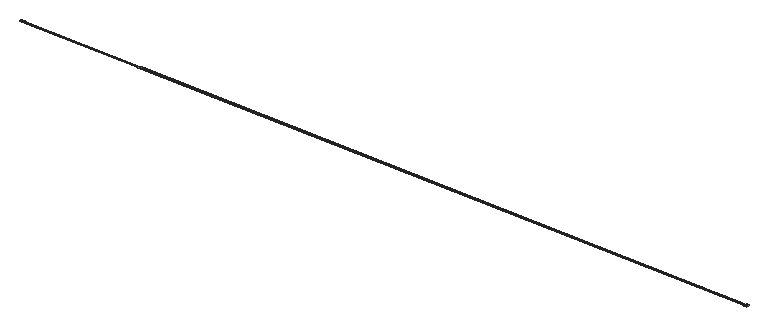
Revit family "0068188", category Lighting Fixtures, host Face, Revit 2017
Family settings
  Host = Face
  Round Connector Dimension = Use Diameter
  Part Type = Normal
  OmniClass Number = 23.80.70.00
  OmniClass Title = Lighting
  Cut with Voids When Loaded = No
  Light Source = Yes
  Shared = No
  Room Calculation Point = No
Parameters (values of type "0068188 FLEX PRO IP65 8250LM 930")
  Weight = "4.0 kg"
  Wattage Comments = ""
  Wattage = 72 W
  WarrantyStartDate [instance] = "n/a"
  WarrantyGuarantorParts = "n/a"
  WarrantyDurationUnit = "n/a"
  WarrantyDurationParts = "n/a"
  WarrantyDescription = "n/a"
  built-in parameter 1150110 = 1 (stored number, unit not read)
  Voltage = 0 V
  URL = "http://www.sylvania-lighting.com"
  TypeName = "Flex Pro IP65 8250lm 930"
  Type Image = <None>
  Type Comments = "n/a"
  built-in parameter 1114217 = 1 (stored number, unit not read)
  Tilt Angle = -90.00°
  built-in parameter 1150109 = 1 (stored number, unit not read)
  built-in parameter 1150134 = (empty or 0)
  built-in parameter 1150113 = 1 (stored number, unit not read)
  SerialNumber [instance] = "n/a"
  Photometric Web File = "0068188.ies"
  PHOTOMETRY3_SYL = 0 mm
  PHOTOMETRY2_SYL = LUM_WIDTH_SYL  # 5 mm
  PHOTOMETRY1_SYL = LUM_LENGHT_SYL / 2  # 2500 mm
  Material_3_SYL = Default New Material
  PowerFactor = 0
  PowerConsumption = "72 W"
  NominalLength = 5000 mm
  NominalHeight = 4 mm
  NominalDepth = 12 mm
  Name = "Flex Pro IP65 8250lm 930"
  ModelReference = Name  # "Flex Pro IP65 8250lm 930"
  ModelNumber = "0068188"
  Model = Name  # "Flex Pro IP65 8250lm 930"
  Material = "other housing"
  ManufacturerName = "Feilo Sylvania"
  Manufacturer = "Feilo Sylvania"
  LuminousEfficacy = "113 lm/W"
  built-in parameter 1150105 = 647.44 (stored number, unit not read)
  Lumens = 8136 lm
  LuminaireType = ""
  built-in parameter 1150115 = 1 (stored number, unit not read)
  LightOutputRatio = "n/a"
  built-in parameter 1150137 = (empty or 0)
  built-in parameter 1150139 = (empty or 0)
  LampsType = Lamp  # "LED"
  LampNominalLuminous = "8250 lm"
  LampMacAdamStep = "n/a"
  LampColourTemperature = "3000 K"
  LampColourRenderingIndex = "90"
  built-in parameter 1150112 = 1 (stored number, unit not read)
  built-in parameter 1150114 = 1 (stored number, unit not read)
  Lamp = "LED"
  LUM_WIDTH_SYL = 5 mm
  LUM_LENGHT_SYL!!!! = "MUST BE DIVISIBLE WITH 100"
  LUM_LENGHT_SYL = 5000 mm  # constant formula
  LED_CH_S_WIDTH_SYL = 1.5 mm
  LED_CH_S_DEPTH2_SYL = 1.1 mm
  LED_CH_S_DEPTH1_SYL = 1.2 mm
  LED_CH_L_WIDTH_SYL = 1.7 mm
  LED_CH_L_DIST_SYL = 12.5 mm
  LED_CH_L_DIST1_SYL = 51.7 mm
  LED_CH_L_DEPTH_SYL = 1.4 mm
  Keynote = "16500"
  InstallationDate [instance] = "n/a"
  InputVoltage = "n/a"
  InputNominalFrequency = "n/a"
  built-in parameter 1150132 = (empty or 0)
  built-in parameter 1150102 = (empty or 0)
  built-in parameter 1150107 = 3000 (stored number, unit not read)
  built-in parameter 1150138 = (empty or 0)
  IngressProtection = "IP65"
  ImpactProtectionIndex = "IK00"
  built-in parameter 1150106 = 6.4744 (stored number, unit not read)
  IfcExportType = "IfcLightFixtureType"
  IfcExportAs = "IfcLightFixtureType"
  Emit from Circle Diameter = 609.6 mm
  Emit Shape Visible in Rendering = no
  ElectricShockClassification = "Class III"
  built-in parameter 1150104 = 10.498 (stored number, unit not read)
  DocumentationLiterature = "http://www.sylvania-lighting.com/product/en-int/products/0068188"
  DimmingControlOptions = "n/a"
  Material_2_SYL = Default New Material(1)
  Dimming Lamp Color Temperature Shift = <None>
  Description = ""
  Default Elevation = 1219.2 mm
  CreatedOn = "10/16/2020"
  CreatedBy = "@sylvania-lighting.com"
  Cost = 0
  Color Filter = 16777215
  built-in parameter 1114216 [instance] = (empty or 0)
  ClassificationValue = "EF_70_80"
  ClassificationName = "Uniclass2015"
  Material_1_SYL = Default
  CABLE_LENGHT_SYL = 1000 mm
  CABLE_FIX_SYL = 1 mm
  CABLE_END_SYL = 15 mm
  CABLE_DIST_SYL = 1.5 mm
  CABLE_DIST2_SYL = 1.5 mm
  CABLE_BLEND_SYL = 12 mm
  BarCode [instance] = "n/a"
  built-in parameter 1114218 = 1 (stored number, unit not read)
  built-in parameter 1150133 = 10 (stored number, unit not read)
  AssetType = "Fixed"
  AssetIdentifier [instance] = "n/a"
  Assembly Code = "D5020200"
  Apparent Load = 72 VA
  Material_4_SYL = none
Reference planes
  plane 1 "Center (Front/Back)": y = 0
  plane 2: z = 0
  plane 3 "Center (Left/Right)": x = 0
  plane 4: x = 5000
  plane 5: y = 5
  plane 6: y = -5
  plane 7: x = 1
  plane 8: x = -1000
  plane 9: x = -12
  plane 10: x = -985
  plane 11: y = 1.5
  plane 12: y = -1.5
  plane 13: y = 3.5
  plane 14: y = -3.5
  plane 15: y = 1.7
  plane 16: y = -1.7
  plane 17: y = 1.5
  plane 18: y = -1.5
  plane 19: x = 51.7
  plane 20: x = 64.2
  plane 21: x = 76.7
  plane 22: x = 89.2
  plane 23: x = 101.7
  plane 24: x = 114.2
  plane 25: x = 126.7
  plane 26: x = 139.2
  plane 27: x = 9.4
  plane 28: x = 6.6
  plane 29: x = 19.1
  plane 30: x = 21.9
  plane 31: x = 34.4
  plane 32: x = 31.6
  plane 33: x = 44.1
  plane 34: x = 46.9
  plane 35: x = 56.6
  plane 36: x = 59.4
  plane 37: x = 69.1
  plane 38: x = 71.9
  plane 39: x = 81.6
  plane 40: x = 84.4
  plane 41: x = 94.1
  plane 42: x = 96.9
  plane 43: x = 52.9
  plane 44: x = 50.6
  plane 45: x = 5012
  plane 46: y = -7
  plane 47: y = 7
  plane 48: y = 6
  plane 49: y = -6
Forms (mm)
  Extrusion 1, solid, material "Default" <- "Material_1_SYL"
    sketch origin (0, 0, 0) x (1, 0, 0) y (0, 1, 0)
      loop
        line (0, 5) -> (0, -5) -> (5000, -5) -> (5000, 5) -> (0, 5)
    from -0.9 to -1.2
  Sweep 2, solid, material "Default New Material(1)" <- "Material_2_SYL"
    path origin (0, 0, 0) x (1, 0, 0) y (0, 1, 0)
      loop
        line (-12, 1.5) -> (-985, 1.5)
    profile origin (-498.5, 1.5, 0) x (0, -1, 0) y (0, 0, 1)
      loop
        circle (0, 0) r 1.399
  Sweep 3, solid, material "Default New Material(1)" <- "Material_2_SYL"
    path origin (0, 0, 0) x (1, 0, 0) y (0, 1, 0)
      loop
        line (-12, -1.5) -> (-985, -1.5)
    profile origin (-498.5, -1.5, 0) x (0, -1, 0) y (0, 0, 1)
      loop
        circle (0, 0) r 1.353
  Revolve 4, solid
    sketch origin (0, 0, 0) x (1, 0, 0) y (0, 1, 0)
      loop
        line (-985, 1.5) -> (-985, 2.444) -> (-1000, 2.444) -> (-1000, 1.5) -> (-985, 1.5)
      axis (-985, 1.5) -> (-1000, 1.5)
    angle from 360 to 0
  Revolve 5, solid
    sketch origin (0, 0, 0) x (1, 0, 0) y (0, 1, 0)
      loop
        line (-985, -1.5) -> (-1000, -1.5) -> (-1000, -2.423) -> (-985, -2.423) -> (-985, -1.5)
      axis (-985, -1.5) -> (-1000, -1.5)
    angle from 360 to 0
  Extrusion 6, solid
    sketch origin (0, 0, 0) x (1, 0, 0) y (0, 1, 0)
      loop
        line (9.4, -1.7) -> (9.4, 1.7) -> (6.6, 1.7) -> (6.6, -1.7) -> (9.4, -1.7)
      loop
        line (19.1, 1.7) -> (19.1, -1.7) -> (21.9, -1.7) -> (21.9, 1.7) -> (19.1, 1.7)
      loop
        line (34.4, -1.7) -> (34.4, 1.7) -> (31.6, 1.7) -> (31.6, -1.7) -> (34.4, -1.7)
      loop
        line (46.9, -1.7) -> (46.9, 1.7) -> (44.1, 1.7) -> (44.1, -1.7) -> (46.9, -1.7)
      loop
        line (59.4, -1.7) -> (59.4, 1.7) -> (56.6, 1.7) -> (56.6, -1.7) -> (59.4, -1.7)
      loop
        line (71.9, -1.7) -> (71.9, 1.7) -> (69.1, 1.7) -> (69.1, -1.7) -> (71.9, -1.7)
      loop
        line (84.4, -1.7) -> (84.4, 1.7) -> (81.6, 1.7) -> (81.6, -1.7) -> (84.4, -1.7)
      loop
        line (96.9, -1.7) -> (96.9, 1.7) -> (94.1, 1.7) -> (94.1, -1.7) -> (96.9, -1.7)
    from -1.2 to 0
  Extrusion 7, solid
    sketch origin (0, 0, 0) x (1, 0, 0) y (0, 1, 0)
      loop
        line (52.9, -1.5) -> (52.9, 1.5) -> (50.6, 1.5) -> (50.6, -1.5) -> (52.9, -1.5)
    from -1.2 to -0.5
  Extrusion 8, solid
    sketch origin (4896.4, 0, 0) x (1, 0, 0) y (0, 1, 0)
      loop
        line (9.4, -1.7) -> (9.4, 1.7) -> (6.6, 1.7) -> (6.6, -1.7) -> (9.4, -1.7)
      loop
        line (19.1, 1.7) -> (19.1, -1.7) -> (21.9, -1.7) -> (21.9, 1.7) -> (19.1, 1.7)
      loop
        line (34.4, -1.7) -> (34.4, 1.7) -> (31.6, 1.7) -> (31.6, -1.7) -> (34.4, -1.7)
      loop
        line (46.9, -1.7) -> (46.9, 1.7) -> (44.1, 1.7) -> (44.1, -1.7) -> (46.9, -1.7)
      loop
        line (59.4, -1.7) -> (59.4, 1.7) -> (56.6, 1.7) -> (56.6, -1.7) -> (59.4, -1.7)
      loop
        line (71.9, -1.7) -> (71.9, 1.7) -> (69.1, 1.7) -> (69.1, -1.7) -> (71.9, -1.7)
      loop
        line (84.4, -1.7) -> (84.4, 1.7) -> (81.6, 1.7) -> (81.6, -1.7) -> (84.4, -1.7)
      loop
        line (96.9, -1.7) -> (96.9, 1.7) -> (94.1, 1.7) -> (94.1, -1.7) -> (96.9, -1.7)
    from -1.2 to 0
  Extrusion 9, solid
    sketch origin (99.927, 0, 0) x (1, 0, 0) y (0, 1, 0)
      loop
        line (9.4, -1.7) -> (9.4, 1.7) -> (6.6, 1.7) -> (6.6, -1.7) -> (9.4, -1.7)
      loop
        line (19.1, 1.7) -> (19.1, -1.7) -> (21.9, -1.7) -> (21.9, 1.7) -> (19.1, 1.7)
      loop
        line (34.4, -1.7) -> (34.4, 1.7) -> (31.6, 1.7) -> (31.6, -1.7) -> (34.4, -1.7)
      loop
        line (46.9, -1.7) -> (46.9, 1.7) -> (44.1, 1.7) -> (44.1, -1.7) -> (46.9, -1.7)
      loop
        line (59.4, -1.7) -> (59.4, 1.7) -> (56.6, 1.7) -> (56.6, -1.7) -> (59.4, -1.7)
      loop
        line (71.9, -1.7) -> (71.9, 1.7) -> (69.1, 1.7) -> (69.1, -1.7) -> (71.9, -1.7)
      loop
        line (84.4, -1.7) -> (84.4, 1.7) -> (81.6, 1.7) -> (81.6, -1.7) -> (84.4, -1.7)
      loop
        line (96.9, -1.7) -> (96.9, 1.7) -> (94.1, 1.7) -> (94.1, -1.7) -> (96.9, -1.7)
    from -1.2 to 0
  Extrusion 10, solid
    sketch origin (199.853, 0, 0) x (1, 0, 0) y (0, 1, 0)
      loop
        line (9.4, -1.7) -> (9.4, 1.7) -> (6.6, 1.7) -> (6.6, -1.7) -> (9.4, -1.7)
      loop
        line (19.1, 1.7) -> (19.1, -1.7) -> (21.9, -1.7) -> (21.9, 1.7) -> (19.1, 1.7)
      loop
        line (34.4, -1.7) -> (34.4, 1.7) -> (31.6, 1.7) -> (31.6, -1.7) -> (34.4, -1.7)
      loop
        line (46.9, -1.7) -> (46.9, 1.7) -> (44.1, 1.7) -> (44.1, -1.7) -> (46.9, -1.7)
      loop
        line (59.4, -1.7) -> (59.4, 1.7) -> (56.6, 1.7) -> (56.6, -1.7) -> (59.4, -1.7)
      loop
        line (71.9, -1.7) -> (71.9, 1.7) -> (69.1, 1.7) -> (69.1, -1.7) -> (71.9, -1.7)
      loop
        line (84.4, -1.7) -> (84.4, 1.7) -> (81.6, 1.7) -> (81.6, -1.7) -> (84.4, -1.7)
      loop
        line (96.9, -1.7) -> (96.9, 1.7) -> (94.1, 1.7) -> (94.1, -1.7) -> (96.9, -1.7)
    from -1.2 to 0
  Extrusion 11, solid
    sketch origin (299.78, 0, 0) x (1, 0, 0) y (0, 1, 0)
      loop
        line (9.4, -1.7) -> (9.4, 1.7) -> (6.6, 1.7) -> (6.6, -1.7) -> (9.4, -1.7)
      loop
        line (19.1, 1.7) -> (19.1, -1.7) -> (21.9, -1.7) -> (21.9, 1.7) -> (19.1, 1.7)
      loop
        line (34.4, -1.7) -> (34.4, 1.7) -> (31.6, 1.7) -> (31.6, -1.7) -> (34.4, -1.7)
      loop
        line (46.9, -1.7) -> (46.9, 1.7) -> (44.1, 1.7) -> (44.1, -1.7) -> (46.9, -1.7)
      loop
        line (59.4, -1.7) -> (59.4, 1.7) -> (56.6, 1.7) -> (56.6, -1.7) -> (59.4, -1.7)
      loop
        line (71.9, -1.7) -> (71.9, 1.7) -> (69.1, 1.7) -> (69.1, -1.7) -> (71.9, -1.7)
      loop
        line (84.4, -1.7) -> (84.4, 1.7) -> (81.6, 1.7) -> (81.6, -1.7) -> (84.4, -1.7)
      loop
        line (96.9, -1.7) -> (96.9, 1.7) -> (94.1, 1.7) -> (94.1, -1.7) -> (96.9, -1.7)
    from -1.2 to 0
  Extrusion 12, solid
    sketch origin (399.706, 0, 0) x (1, 0, 0) y (0, 1, 0)
      loop
        line (9.4, -1.7) -> (9.4, 1.7) -> (6.6, 1.7) -> (6.6, -1.7) -> (9.4, -1.7)
      loop
        line (19.1, 1.7) -> (19.1, -1.7) -> (21.9, -1.7) -> (21.9, 1.7) -> (19.1, 1.7)
      loop
        line (34.4, -1.7) -> (34.4, 1.7) -> (31.6, 1.7) -> (31.6, -1.7) -> (34.4, -1.7)
      loop
        line (46.9, -1.7) -> (46.9, 1.7) -> (44.1, 1.7) -> (44.1, -1.7) -> (46.9, -1.7)
      loop
        line (59.4, -1.7) -> (59.4, 1.7) -> (56.6, 1.7) -> (56.6, -1.7) -> (59.4, -1.7)
      loop
        line (71.9, -1.7) -> (71.9, 1.7) -> (69.1, 1.7) -> (69.1, -1.7) -> (71.9, -1.7)
      loop
        line (84.4, -1.7) -> (84.4, 1.7) -> (81.6, 1.7) -> (81.6, -1.7) -> (84.4, -1.7)
      loop
        line (96.9, -1.7) -> (96.9, 1.7) -> (94.1, 1.7) -> (94.1, -1.7) -> (96.9, -1.7)
    from -1.2 to 0
  Extrusion 13, solid
    sketch origin (499.633, 0, 0) x (1, 0, 0) y (0, 1, 0)
      loop
        line (9.4, -1.7) -> (9.4, 1.7) -> (6.6, 1.7) -> (6.6, -1.7) -> (9.4, -1.7)
      loop
        line (19.1, 1.7) -> (19.1, -1.7) -> (21.9, -1.7) -> (21.9, 1.7) -> (19.1, 1.7)
      loop
        line (34.4, -1.7) -> (34.4, 1.7) -> (31.6, 1.7) -> (31.6, -1.7) -> (34.4, -1.7)
      loop
        line (46.9, -1.7) -> (46.9, 1.7) -> (44.1, 1.7) -> (44.1, -1.7) -> (46.9, -1.7)
      loop
        line (59.4, -1.7) -> (59.4, 1.7) -> (56.6, 1.7) -> (56.6, -1.7) -> (59.4, -1.7)
      loop
        line (71.9, -1.7) -> (71.9, 1.7) -> (69.1, 1.7) -> (69.1, -1.7) -> (71.9, -1.7)
      loop
        line (84.4, -1.7) -> (84.4, 1.7) -> (81.6, 1.7) -> (81.6, -1.7) -> (84.4, -1.7)
      loop
        line (96.9, -1.7) -> (96.9, 1.7) -> (94.1, 1.7) -> (94.1, -1.7) -> (96.9, -1.7)
    from -1.2 to 0
  Extrusion 14, solid
    sketch origin (599.559, 0, 0) x (1, 0, 0) y (0, 1, 0)
      loop
        line (9.4, -1.7) -> (9.4, 1.7) -> (6.6, 1.7) -> (6.6, -1.7) -> (9.4, -1.7)
      loop
        line (19.1, 1.7) -> (19.1, -1.7) -> (21.9, -1.7) -> (21.9, 1.7) -> (19.1, 1.7)
      loop
        line (34.4, -1.7) -> (34.4, 1.7) -> (31.6, 1.7) -> (31.6, -1.7) -> (34.4, -1.7)
      loop
        line (46.9, -1.7) -> (46.9, 1.7) -> (44.1, 1.7) -> (44.1, -1.7) -> (46.9, -1.7)
      loop
        line (59.4, -1.7) -> (59.4, 1.7) -> (56.6, 1.7) -> (56.6, -1.7) -> (59.4, -1.7)
      loop
        line (71.9, -1.7) -> (71.9, 1.7) -> (69.1, 1.7) -> (69.1, -1.7) -> (71.9, -1.7)
      loop
        line (84.4, -1.7) -> (84.4, 1.7) -> (81.6, 1.7) -> (81.6, -1.7) -> (84.4, -1.7)
      loop
        line (96.9, -1.7) -> (96.9, 1.7) -> (94.1, 1.7) -> (94.1, -1.7) -> (96.9, -1.7)
    from -1.2 to 0
  Extrusion 15, solid
    sketch origin (699.486, 0, 0) x (1, 0, 0) y (0, 1, 0)
      loop
        line (9.4, -1.7) -> (9.4, 1.7) -> (6.6, 1.7) -> (6.6, -1.7) -> (9.4, -1.7)
      loop
        line (19.1, 1.7) -> (19.1, -1.7) -> (21.9, -1.7) -> (21.9, 1.7) -> (19.1, 1.7)
      loop
        line (34.4, -1.7) -> (34.4, 1.7) -> (31.6, 1.7) -> (31.6, -1.7) -> (34.4, -1.7)
      loop
        line (46.9, -1.7) -> (46.9, 1.7) -> (44.1, 1.7) -> (44.1, -1.7) -> (46.9, -1.7)
      loop
        line (59.4, -1.7) -> (59.4, 1.7) -> (56.6, 1.7) -> (56.6, -1.7) -> (59.4, -1.7)
      loop
        line (71.9, -1.7) -> (71.9, 1.7) -> (69.1, 1.7) -> (69.1, -1.7) -> (71.9, -1.7)
      loop
        line (84.4, -1.7) -> (84.4, 1.7) -> (81.6, 1.7) -> (81.6, -1.7) -> (84.4, -1.7)
      loop
        line (96.9, -1.7) -> (96.9, 1.7) -> (94.1, 1.7) -> (94.1, -1.7) -> (96.9, -1.7)
    from -1.2 to 0
  Extrusion 16, solid
    sketch origin (799.412, 0, 0) x (1, 0, 0) y (0, 1, 0)
      loop
        line (9.4, -1.7) -> (9.4, 1.7) -> (6.6, 1.7) -> (6.6, -1.7) -> (9.4, -1.7)
      loop
        line (19.1, 1.7) -> (19.1, -1.7) -> (21.9, -1.7) -> (21.9, 1.7) -> (19.1, 1.7)
      loop
        line (34.4, -1.7) -> (34.4, 1.7) -> (31.6, 1.7) -> (31.6, -1.7) -> (34.4, -1.7)
      loop
        line (46.9, -1.7) -> (46.9, 1.7) -> (44.1, 1.7) -> (44.1, -1.7) -> (46.9, -1.7)
      loop
        line (59.4, -1.7) -> (59.4, 1.7) -> (56.6, 1.7) -> (56.6, -1.7) -> (59.4, -1.7)
      loop
        line (71.9, -1.7) -> (71.9, 1.7) -> (69.1, 1.7) -> (69.1, -1.7) -> (71.9, -1.7)
      loop
        line (84.4, -1.7) -> (84.4, 1.7) -> (81.6, 1.7) -> (81.6, -1.7) -> (84.4, -1.7)
      loop
        line (96.9, -1.7) -> (96.9, 1.7) -> (94.1, 1.7) -> (94.1, -1.7) -> (96.9, -1.7)
    from -1.2 to 0
  Extrusion 17, solid
    sketch origin (899.339, 0, 0) x (1, 0, 0) y (0, 1, 0)
      loop
        line (9.4, -1.7) -> (9.4, 1.7) -> (6.6, 1.7) -> (6.6, -1.7) -> (9.4, -1.7)
      loop
        line (19.1, 1.7) -> (19.1, -1.7) -> (21.9, -1.7) -> (21.9, 1.7) -> (19.1, 1.7)
      loop
        line (34.4, -1.7) -> (34.4, 1.7) -> (31.6, 1.7) -> (31.6, -1.7) -> (34.4, -1.7)
      loop
        line (46.9, -1.7) -> (46.9, 1.7) -> (44.1, 1.7) -> (44.1, -1.7) -> (46.9, -1.7)
      loop
        line (59.4, -1.7) -> (59.4, 1.7) -> (56.6, 1.7) -> (56.6, -1.7) -> (59.4, -1.7)
      loop
        line (71.9, -1.7) -> (71.9, 1.7) -> (69.1, 1.7) -> (69.1, -1.7) -> (71.9, -1.7)
      loop
        line (84.4, -1.7) -> (84.4, 1.7) -> (81.6, 1.7) -> (81.6, -1.7) -> (84.4, -1.7)
      loop
        line (96.9, -1.7) -> (96.9, 1.7) -> (94.1, 1.7) -> (94.1, -1.7) -> (96.9, -1.7)
    from -1.2 to 0
  Extrusion 18, solid
    sketch origin (999.265, 0, 0) x (1, 0, 0) y (0, 1, 0)
      loop
        line (9.4, -1.7) -> (9.4, 1.7) -> (6.6, 1.7) -> (6.6, -1.7) -> (9.4, -1.7)
      loop
        line (19.1, 1.7) -> (19.1, -1.7) -> (21.9, -1.7) -> (21.9, 1.7) -> (19.1, 1.7)
      loop
        line (34.4, -1.7) -> (34.4, 1.7) -> (31.6, 1.7) -> (31.6, -1.7) -> (34.4, -1.7)
      loop
        line (46.9, -1.7) -> (46.9, 1.7) -> (44.1, 1.7) -> (44.1, -1.7) -> (46.9, -1.7)
      loop
        line (59.4, -1.7) -> (59.4, 1.7) -> (56.6, 1.7) -> (56.6, -1.7) -> (59.4, -1.7)
      loop
        line (71.9, -1.7) -> (71.9, 1.7) -> (69.1, 1.7) -> (69.1, -1.7) -> (71.9, -1.7)
      loop
        line (84.4, -1.7) -> (84.4, 1.7) -> (81.6, 1.7) -> (81.6, -1.7) -> (84.4, -1.7)
      loop
        line (96.9, -1.7) -> (96.9, 1.7) -> (94.1, 1.7) -> (94.1, -1.7) -> (96.9, -1.7)
    from -1.2 to 0
  Extrusion 19, solid
    sketch origin (1099.192, 0, 0) x (1, 0, 0) y (0, 1, 0)
      loop
        line (9.4, -1.7) -> (9.4, 1.7) -> (6.6, 1.7) -> (6.6, -1.7) -> (9.4, -1.7)
      loop
        line (19.1, 1.7) -> (19.1, -1.7) -> (21.9, -1.7) -> (21.9, 1.7) -> (19.1, 1.7)
      loop
        line (34.4, -1.7) -> (34.4, 1.7) -> (31.6, 1.7) -> (31.6, -1.7) -> (34.4, -1.7)
      loop
        line (46.9, -1.7) -> (46.9, 1.7) -> (44.1, 1.7) -> (44.1, -1.7) -> (46.9, -1.7)
      loop
        line (59.4, -1.7) -> (59.4, 1.7) -> (56.6, 1.7) -> (56.6, -1.7) -> (59.4, -1.7)
      loop
        line (71.9, -1.7) -> (71.9, 1.7) -> (69.1, 1.7) -> (69.1, -1.7) -> (71.9, -1.7)
      loop
        line (84.4, -1.7) -> (84.4, 1.7) -> (81.6, 1.7) -> (81.6, -1.7) -> (84.4, -1.7)
      loop
        line (96.9, -1.7) -> (96.9, 1.7) -> (94.1, 1.7) -> (94.1, -1.7) -> (96.9, -1.7)
    from -1.2 to 0
  Extrusion 20, solid
    sketch origin (1199.118, 0, 0) x (1, 0, 0) y (0, 1, 0)
      loop
        line (9.4, -1.7) -> (9.4, 1.7) -> (6.6, 1.7) -> (6.6, -1.7) -> (9.4, -1.7)
      loop
        line (19.1, 1.7) -> (19.1, -1.7) -> (21.9, -1.7) -> (21.9, 1.7) -> (19.1, 1.7)
      loop
        line (34.4, -1.7) -> (34.4, 1.7) -> (31.6, 1.7) -> (31.6, -1.7) -> (34.4, -1.7)
      loop
        line (46.9, -1.7) -> (46.9, 1.7) -> (44.1, 1.7) -> (44.1, -1.7) -> (46.9, -1.7)
      loop
        line (59.4, -1.7) -> (59.4, 1.7) -> (56.6, 1.7) -> (56.6, -1.7) -> (59.4, -1.7)
      loop
        line (71.9, -1.7) -> (71.9, 1.7) -> (69.1, 1.7) -> (69.1, -1.7) -> (71.9, -1.7)
      loop
        line (84.4, -1.7) -> (84.4, 1.7) -> (81.6, 1.7) -> (81.6, -1.7) -> (84.4, -1.7)
      loop
        line (96.9, -1.7) -> (96.9, 1.7) -> (94.1, 1.7) -> (94.1, -1.7) -> (96.9, -1.7)
    from -1.2 to 0
  Extrusion 21, solid
    sketch origin (1299.045, 0, 0) x (1, 0, 0) y (0, 1, 0)
      loop
        line (9.4, -1.7) -> (9.4, 1.7) -> (6.6, 1.7) -> (6.6, -1.7) -> (9.4, -1.7)
      loop
        line (19.1, 1.7) -> (19.1, -1.7) -> (21.9, -1.7) -> (21.9, 1.7) -> (19.1, 1.7)
      loop
        line (34.4, -1.7) -> (34.4, 1.7) -> (31.6, 1.7) -> (31.6, -1.7) -> (34.4, -1.7)
      loop
        line (46.9, -1.7) -> (46.9, 1.7) -> (44.1, 1.7) -> (44.1, -1.7) -> (46.9, -1.7)
      loop
        line (59.4, -1.7) -> (59.4, 1.7) -> (56.6, 1.7) -> (56.6, -1.7) -> (59.4, -1.7)
      loop
        line (71.9, -1.7) -> (71.9, 1.7) -> (69.1, 1.7) -> (69.1, -1.7) -> (71.9, -1.7)
      loop
        line (84.4, -1.7) -> (84.4, 1.7) -> (81.6, 1.7) -> (81.6, -1.7) -> (84.4, -1.7)
      loop
        line (96.9, -1.7) -> (96.9, 1.7) -> (94.1, 1.7) -> (94.1, -1.7) -> (96.9, -1.7)
    from -1.2 to 0
  Extrusion 22, solid
    sketch origin (1398.971, 0, 0) x (1, 0, 0) y (0, 1, 0)
      loop
        line (9.4, -1.7) -> (9.4, 1.7) -> (6.6, 1.7) -> (6.6, -1.7) -> (9.4, -1.7)
      loop
        line (19.1, 1.7) -> (19.1, -1.7) -> (21.9, -1.7) -> (21.9, 1.7) -> (19.1, 1.7)
      loop
        line (34.4, -1.7) -> (34.4, 1.7) -> (31.6, 1.7) -> (31.6, -1.7) -> (34.4, -1.7)
      loop
        line (46.9, -1.7) -> (46.9, 1.7) -> (44.1, 1.7) -> (44.1, -1.7) -> (46.9, -1.7)
      loop
        line (59.4, -1.7) -> (59.4, 1.7) -> (56.6, 1.7) -> (56.6, -1.7) -> (59.4, -1.7)
      loop
        line (71.9, -1.7) -> (71.9, 1.7) -> (69.1, 1.7) -> (69.1, -1.7) -> (71.9, -1.7)
      loop
        line (84.4, -1.7) -> (84.4, 1.7) -> (81.6, 1.7) -> (81.6, -1.7) -> (84.4, -1.7)
      loop
        line (96.9, -1.7) -> (96.9, 1.7) -> (94.1, 1.7) -> (94.1, -1.7) -> (96.9, -1.7)
    from -1.2 to 0
  Extrusion 23, solid
    sketch origin (1498.898, 0, 0) x (1, 0, 0) y (0, 1, 0)
      loop
        line (9.4, -1.7) -> (9.4, 1.7) -> (6.6, 1.7) -> (6.6, -1.7) -> (9.4, -1.7)
      loop
        line (19.1, 1.7) -> (19.1, -1.7) -> (21.9, -1.7) -> (21.9, 1.7) -> (19.1, 1.7)
      loop
        line (34.4, -1.7) -> (34.4, 1.7) -> (31.6, 1.7) -> (31.6, -1.7) -> (34.4, -1.7)
      loop
        line (46.9, -1.7) -> (46.9, 1.7) -> (44.1, 1.7) -> (44.1, -1.7) -> (46.9, -1.7)
      loop
        line (59.4, -1.7) -> (59.4, 1.7) -> (56.6, 1.7) -> (56.6, -1.7) -> (59.4, -1.7)
      loop
        line (71.9, -1.7) -> (71.9, 1.7) -> (69.1, 1.7) -> (69.1, -1.7) -> (71.9, -1.7)
      loop
        line (84.4, -1.7) -> (84.4, 1.7) -> (81.6, 1.7) -> (81.6, -1.7) -> (84.4, -1.7)
      loop
        line (96.9, -1.7) -> (96.9, 1.7) -> (94.1, 1.7) -> (94.1, -1.7) -> (96.9, -1.7)
    from -1.2 to 0
  Extrusion 24, solid
    sketch origin (1598.824, 0, 0) x (1, 0, 0) y (0, 1, 0)
      loop
        line (9.4, -1.7) -> (9.4, 1.7) -> (6.6, 1.7) -> (6.6, -1.7) -> (9.4, -1.7)
      loop
        line (19.1, 1.7) -> (19.1, -1.7) -> (21.9, -1.7) -> (21.9, 1.7) -> (19.1, 1.7)
      loop
        line (34.4, -1.7) -> (34.4, 1.7) -> (31.6, 1.7) -> (31.6, -1.7) -> (34.4, -1.7)
      loop
        line (46.9, -1.7) -> (46.9, 1.7) -> (44.1, 1.7) -> (44.1, -1.7) -> (46.9, -1.7)
      loop
        line (59.4, -1.7) -> (59.4, 1.7) -> (56.6, 1.7) -> (56.6, -1.7) -> (59.4, -1.7)
      loop
        line (71.9, -1.7) -> (71.9, 1.7) -> (69.1, 1.7) -> (69.1, -1.7) -> (71.9, -1.7)
      loop
        line (84.4, -1.7) -> (84.4, 1.7) -> (81.6, 1.7) -> (81.6, -1.7) -> (84.4, -1.7)
      loop
        line (96.9, -1.7) -> (96.9, 1.7) -> (94.1, 1.7) -> (94.1, -1.7) -> (96.9, -1.7)
    from -1.2 to 0
  Extrusion 25, solid
    sketch origin (1698.751, 0, 0) x (1, 0, 0) y (0, 1, 0)
      loop
        line (9.4, -1.7) -> (9.4, 1.7) -> (6.6, 1.7) -> (6.6, -1.7) -> (9.4, -1.7)
      loop
        line (19.1, 1.7) -> (19.1, -1.7) -> (21.9, -1.7) -> (21.9, 1.7) -> (19.1, 1.7)
      loop
        line (34.4, -1.7) -> (34.4, 1.7) -> (31.6, 1.7) -> (31.6, -1.7) -> (34.4, -1.7)
      loop
        line (46.9, -1.7) -> (46.9, 1.7) -> (44.1, 1.7) -> (44.1, -1.7) -> (46.9, -1.7)
      loop
        line (59.4, -1.7) -> (59.4, 1.7) -> (56.6, 1.7) -> (56.6, -1.7) -> (59.4, -1.7)
      loop
        line (71.9, -1.7) -> (71.9, 1.7) -> (69.1, 1.7) -> (69.1, -1.7) -> (71.9, -1.7)
      loop
        line (84.4, -1.7) -> (84.4, 1.7) -> (81.6, 1.7) -> (81.6, -1.7) -> (84.4, -1.7)
      loop
        line (96.9, -1.7) -> (96.9, 1.7) -> (94.1, 1.7) -> (94.1, -1.7) -> (96.9, -1.7)
    from -1.2 to 0
  Extrusion 26, solid
    sketch origin (1798.678, 0, 0) x (1, 0, 0) y (0, 1, 0)
      loop
        line (9.4, -1.7) -> (9.4, 1.7) -> (6.6, 1.7) -> (6.6, -1.7) -> (9.4, -1.7)
      loop
        line (19.1, 1.7) -> (19.1, -1.7) -> (21.9, -1.7) -> (21.9, 1.7) -> (19.1, 1.7)
      loop
        line (34.4, -1.7) -> (34.4, 1.7) -> (31.6, 1.7) -> (31.6, -1.7) -> (34.4, -1.7)
      loop
        line (46.9, -1.7) -> (46.9, 1.7) -> (44.1, 1.7) -> (44.1, -1.7) -> (46.9, -1.7)
      loop
        line (59.4, -1.7) -> (59.4, 1.7) -> (56.6, 1.7) -> (56.6, -1.7) -> (59.4, -1.7)
      loop
        line (71.9, -1.7) -> (71.9, 1.7) -> (69.1, 1.7) -> (69.1, -1.7) -> (71.9, -1.7)
      loop
        line (84.4, -1.7) -> (84.4, 1.7) -> (81.6, 1.7) -> (81.6, -1.7) -> (84.4, -1.7)
      loop
        line (96.9, -1.7) -> (96.9, 1.7) -> (94.1, 1.7) -> (94.1, -1.7) -> (96.9, -1.7)
    from -1.2 to 0
  Extrusion 27, solid
    sketch origin (1898.604, 0, 0) x (1, 0, 0) y (0, 1, 0)
      loop
        line (9.4, -1.7) -> (9.4, 1.7) -> (6.6, 1.7) -> (6.6, -1.7) -> (9.4, -1.7)
      loop
        line (19.1, 1.7) -> (19.1, -1.7) -> (21.9, -1.7) -> (21.9, 1.7) -> (19.1, 1.7)
      loop
        line (34.4, -1.7) -> (34.4, 1.7) -> (31.6, 1.7) -> (31.6, -1.7) -> (34.4, -1.7)
      loop
        line (46.9, -1.7) -> (46.9, 1.7) -> (44.1, 1.7) -> (44.1, -1.7) -> (46.9, -1.7)
      loop
        line (59.4, -1.7) -> (59.4, 1.7) -> (56.6, 1.7) -> (56.6, -1.7) -> (59.4, -1.7)
      loop
        line (71.9, -1.7) -> (71.9, 1.7) -> (69.1, 1.7) -> (69.1, -1.7) -> (71.9, -1.7)
      loop
        line (84.4, -1.7) -> (84.4, 1.7) -> (81.6, 1.7) -> (81.6, -1.7) -> (84.4, -1.7)
      loop
        line (96.9, -1.7) -> (96.9, 1.7) -> (94.1, 1.7) -> (94.1, -1.7) -> (96.9, -1.7)
    from -1.2 to 0
  Extrusion 28, solid
    sketch origin (1998.531, 0, 0) x (1, 0, 0) y (0, 1, 0)
      loop
        line (9.4, -1.7) -> (9.4, 1.7) -> (6.6, 1.7) -> (6.6, -1.7) -> (9.4, -1.7)
      loop
        line (19.1, 1.7) -> (19.1, -1.7) -> (21.9, -1.7) -> (21.9, 1.7) -> (19.1, 1.7)
      loop
        line (34.4, -1.7) -> (34.4, 1.7) -> (31.6, 1.7) -> (31.6, -1.7) -> (34.4, -1.7)
      loop
        line (46.9, -1.7) -> (46.9, 1.7) -> (44.1, 1.7) -> (44.1, -1.7) -> (46.9, -1.7)
      loop
        line (59.4, -1.7) -> (59.4, 1.7) -> (56.6, 1.7) -> (56.6, -1.7) -> (59.4, -1.7)
      loop
        line (71.9, -1.7) -> (71.9, 1.7) -> (69.1, 1.7) -> (69.1, -1.7) -> (71.9, -1.7)
      loop
        line (84.4, -1.7) -> (84.4, 1.7) -> (81.6, 1.7) -> (81.6, -1.7) -> (84.4, -1.7)
      loop
        line (96.9, -1.7) -> (96.9, 1.7) -> (94.1, 1.7) -> (94.1, -1.7) -> (96.9, -1.7)
    from -1.2 to 0
  Extrusion 29, solid
    sketch origin (2098.457, 0, 0) x (1, 0, 0) y (0, 1, 0)
      loop
        line (9.4, -1.7) -> (9.4, 1.7) -> (6.6, 1.7) -> (6.6, -1.7) -> (9.4, -1.7)
      loop
        line (19.1, 1.7) -> (19.1, -1.7) -> (21.9, -1.7) -> (21.9, 1.7) -> (19.1, 1.7)
      loop
        line (34.4, -1.7) -> (34.4, 1.7) -> (31.6, 1.7) -> (31.6, -1.7) -> (34.4, -1.7)
      loop
        line (46.9, -1.7) -> (46.9, 1.7) -> (44.1, 1.7) -> (44.1, -1.7) -> (46.9, -1.7)
      loop
        line (59.4, -1.7) -> (59.4, 1.7) -> (56.6, 1.7) -> (56.6, -1.7) -> (59.4, -1.7)
      loop
        line (71.9, -1.7) -> (71.9, 1.7) -> (69.1, 1.7) -> (69.1, -1.7) -> (71.9, -1.7)
      loop
        line (84.4, -1.7) -> (84.4, 1.7) -> (81.6, 1.7) -> (81.6, -1.7) -> (84.4, -1.7)
      loop
        line (96.9, -1.7) -> (96.9, 1.7) -> (94.1, 1.7) -> (94.1, -1.7) -> (96.9, -1.7)
    from -1.2 to 0
  Extrusion 30, solid
    sketch origin (2198.384, 0, 0) x (1, 0, 0) y (0, 1, 0)
      loop
        line (9.4, -1.7) -> (9.4, 1.7) -> (6.6, 1.7) -> (6.6, -1.7) -> (9.4, -1.7)
      loop
        line (19.1, 1.7) -> (19.1, -1.7) -> (21.9, -1.7) -> (21.9, 1.7) -> (19.1, 1.7)
      loop
        line (34.4, -1.7) -> (34.4, 1.7) -> (31.6, 1.7) -> (31.6, -1.7) -> (34.4, -1.7)
      loop
        line (46.9, -1.7) -> (46.9, 1.7) -> (44.1, 1.7) -> (44.1, -1.7) -> (46.9, -1.7)
      loop
        line (59.4, -1.7) -> (59.4, 1.7) -> (56.6, 1.7) -> (56.6, -1.7) -> (59.4, -1.7)
      loop
        line (71.9, -1.7) -> (71.9, 1.7) -> (69.1, 1.7) -> (69.1, -1.7) -> (71.9, -1.7)
      loop
        line (84.4, -1.7) -> (84.4, 1.7) -> (81.6, 1.7) -> (81.6, -1.7) -> (84.4, -1.7)
      loop
        line (96.9, -1.7) -> (96.9, 1.7) -> (94.1, 1.7) -> (94.1, -1.7) -> (96.9, -1.7)
    from -1.2 to 0
  Extrusion 31, solid
    sketch origin (2298.31, 0, 0) x (1, 0, 0) y (0, 1, 0)
      loop
        line (9.4, -1.7) -> (9.4, 1.7) -> (6.6, 1.7) -> (6.6, -1.7) -> (9.4, -1.7)
      loop
        line (19.1, 1.7) -> (19.1, -1.7) -> (21.9, -1.7) -> (21.9, 1.7) -> (19.1, 1.7)
      loop
        line (34.4, -1.7) -> (34.4, 1.7) -> (31.6, 1.7) -> (31.6, -1.7) -> (34.4, -1.7)
      loop
        line (46.9, -1.7) -> (46.9, 1.7) -> (44.1, 1.7) -> (44.1, -1.7) -> (46.9, -1.7)
      loop
        line (59.4, -1.7) -> (59.4, 1.7) -> (56.6, 1.7) -> (56.6, -1.7) -> (59.4, -1.7)
      loop
        line (71.9, -1.7) -> (71.9, 1.7) -> (69.1, 1.7) -> (69.1, -1.7) -> (71.9, -1.7)
      loop
        line (84.4, -1.7) -> (84.4, 1.7) -> (81.6, 1.7) -> (81.6, -1.7) -> (84.4, -1.7)
      loop
        line (96.9, -1.7) -> (96.9, 1.7) -> (94.1, 1.7) -> (94.1, -1.7) -> (96.9, -1.7)
    from -1.2 to 0
  Extrusion 32, solid
    sketch origin (2398.237, 0, 0) x (1, 0, 0) y (0, 1, 0)
      loop
        line (9.4, -1.7) -> (9.4, 1.7) -> (6.6, 1.7) -> (6.6, -1.7) -> (9.4, -1.7)
      loop
        line (19.1, 1.7) -> (19.1, -1.7) -> (21.9, -1.7) -> (21.9, 1.7) -> (19.1, 1.7)
      loop
        line (34.4, -1.7) -> (34.4, 1.7) -> (31.6, 1.7) -> (31.6, -1.7) -> (34.4, -1.7)
      loop
        line (46.9, -1.7) -> (46.9, 1.7) -> (44.1, 1.7) -> (44.1, -1.7) -> (46.9, -1.7)
      loop
        line (59.4, -1.7) -> (59.4, 1.7) -> (56.6, 1.7) -> (56.6, -1.7) -> (59.4, -1.7)
      loop
        line (71.9, -1.7) -> (71.9, 1.7) -> (69.1, 1.7) -> (69.1, -1.7) -> (71.9, -1.7)
      loop
        line (84.4, -1.7) -> (84.4, 1.7) -> (81.6, 1.7) -> (81.6, -1.7) -> (84.4, -1.7)
      loop
        line (96.9, -1.7) -> (96.9, 1.7) -> (94.1, 1.7) -> (94.1, -1.7) -> (96.9, -1.7)
    from -1.2 to 0
  Extrusion 33, solid
    sketch origin (2498.163, 0, 0) x (1, 0, 0) y (0, 1, 0)
      loop
        line (9.4, -1.7) -> (9.4, 1.7) -> (6.6, 1.7) -> (6.6, -1.7) -> (9.4, -1.7)
      loop
        line (19.1, 1.7) -> (19.1, -1.7) -> (21.9, -1.7) -> (21.9, 1.7) -> (19.1, 1.7)
      loop
        line (34.4, -1.7) -> (34.4, 1.7) -> (31.6, 1.7) -> (31.6, -1.7) -> (34.4, -1.7)
      loop
        line (46.9, -1.7) -> (46.9, 1.7) -> (44.1, 1.7) -> (44.1, -1.7) -> (46.9, -1.7)
      loop
        line (59.4, -1.7) -> (59.4, 1.7) -> (56.6, 1.7) -> (56.6, -1.7) -> (59.4, -1.7)
      loop
        line (71.9, -1.7) -> (71.9, 1.7) -> (69.1, 1.7) -> (69.1, -1.7) -> (71.9, -1.7)
      loop
        line (84.4, -1.7) -> (84.4, 1.7) -> (81.6, 1.7) -> (81.6, -1.7) -> (84.4, -1.7)
      loop
        line (96.9, -1.7) -> (96.9, 1.7) -> (94.1, 1.7) -> (94.1, -1.7) -> (96.9, -1.7)
    from -1.2 to 0
  Extrusion 34, solid
    sketch origin (2598.09, 0, 0) x (1, 0, 0) y (0, 1, 0)
      loop
        line (9.4, -1.7) -> (9.4, 1.7) -> (6.6, 1.7) -> (6.6, -1.7) -> (9.4, -1.7)
      loop
        line (19.1, 1.7) -> (19.1, -1.7) -> (21.9, -1.7) -> (21.9, 1.7) -> (19.1, 1.7)
      loop
        line (34.4, -1.7) -> (34.4, 1.7) -> (31.6, 1.7) -> (31.6, -1.7) -> (34.4, -1.7)
      loop
        line (46.9, -1.7) -> (46.9, 1.7) -> (44.1, 1.7) -> (44.1, -1.7) -> (46.9, -1.7)
      loop
        line (59.4, -1.7) -> (59.4, 1.7) -> (56.6, 1.7) -> (56.6, -1.7) -> (59.4, -1.7)
      loop
        line (71.9, -1.7) -> (71.9, 1.7) -> (69.1, 1.7) -> (69.1, -1.7) -> (71.9, -1.7)
      loop
        line (84.4, -1.7) -> (84.4, 1.7) -> (81.6, 1.7) -> (81.6, -1.7) -> (84.4, -1.7)
      loop
        line (96.9, -1.7) -> (96.9, 1.7) -> (94.1, 1.7) -> (94.1, -1.7) -> (96.9, -1.7)
    from -1.2 to 0
  Extrusion 35, solid
    sketch origin (2698.016, 0, 0) x (1, 0, 0) y (0, 1, 0)
      loop
        line (9.4, -1.7) -> (9.4, 1.7) -> (6.6, 1.7) -> (6.6, -1.7) -> (9.4, -1.7)
      loop
        line (19.1, 1.7) -> (19.1, -1.7) -> (21.9, -1.7) -> (21.9, 1.7) -> (19.1, 1.7)
      loop
        line (34.4, -1.7) -> (34.4, 1.7) -> (31.6, 1.7) -> (31.6, -1.7) -> (34.4, -1.7)
      loop
        line (46.9, -1.7) -> (46.9, 1.7) -> (44.1, 1.7) -> (44.1, -1.7) -> (46.9, -1.7)
      loop
        line (59.4, -1.7) -> (59.4, 1.7) -> (56.6, 1.7) -> (56.6, -1.7) -> (59.4, -1.7)
      loop
        line (71.9, -1.7) -> (71.9, 1.7) -> (69.1, 1.7) -> (69.1, -1.7) -> (71.9, -1.7)
      loop
        line (84.4, -1.7) -> (84.4, 1.7) -> (81.6, 1.7) -> (81.6, -1.7) -> (84.4, -1.7)
      loop
        line (96.9, -1.7) -> (96.9, 1.7) -> (94.1, 1.7) -> (94.1, -1.7) -> (96.9, -1.7)
    from -1.2 to 0
  Extrusion 36, solid
    sketch origin (2797.943, 0, 0) x (1, 0, 0) y (0, 1, 0)
      loop
        line (9.4, -1.7) -> (9.4, 1.7) -> (6.6, 1.7) -> (6.6, -1.7) -> (9.4, -1.7)
      loop
        line (19.1, 1.7) -> (19.1, -1.7) -> (21.9, -1.7) -> (21.9, 1.7) -> (19.1, 1.7)
      loop
        line (34.4, -1.7) -> (34.4, 1.7) -> (31.6, 1.7) -> (31.6, -1.7) -> (34.4, -1.7)
      loop
        line (46.9, -1.7) -> (46.9, 1.7) -> (44.1, 1.7) -> (44.1, -1.7) -> (46.9, -1.7)
      loop
        line (59.4, -1.7) -> (59.4, 1.7) -> (56.6, 1.7) -> (56.6, -1.7) -> (59.4, -1.7)
      loop
        line (71.9, -1.7) -> (71.9, 1.7) -> (69.1, 1.7) -> (69.1, -1.7) -> (71.9, -1.7)
      loop
        line (84.4, -1.7) -> (84.4, 1.7) -> (81.6, 1.7) -> (81.6, -1.7) -> (84.4, -1.7)
      loop
        line (96.9, -1.7) -> (96.9, 1.7) -> (94.1, 1.7) -> (94.1, -1.7) -> (96.9, -1.7)
    from -1.2 to 0
  Extrusion 37, solid
    sketch origin (2897.869, 0, 0) x (1, 0, 0) y (0, 1, 0)
      loop
        line (9.4, -1.7) -> (9.4, 1.7) -> (6.6, 1.7) -> (6.6, -1.7) -> (9.4, -1.7)
      loop
        line (19.1, 1.7) -> (19.1, -1.7) -> (21.9, -1.7) -> (21.9, 1.7) -> (19.1, 1.7)
      loop
        line (34.4, -1.7) -> (34.4, 1.7) -> (31.6, 1.7) -> (31.6, -1.7) -> (34.4, -1.7)
      loop
        line (46.9, -1.7) -> (46.9, 1.7) -> (44.1, 1.7) -> (44.1, -1.7) -> (46.9, -1.7)
      loop
        line (59.4, -1.7) -> (59.4, 1.7) -> (56.6, 1.7) -> (56.6, -1.7) -> (59.4, -1.7)
      loop
        line (71.9, -1.7) -> (71.9, 1.7) -> (69.1, 1.7) -> (69.1, -1.7) -> (71.9, -1.7)
      loop
        line (84.4, -1.7) -> (84.4, 1.7) -> (81.6, 1.7) -> (81.6, -1.7) -> (84.4, -1.7)
      loop
        line (96.9, -1.7) -> (96.9, 1.7) -> (94.1, 1.7) -> (94.1, -1.7) -> (96.9, -1.7)
    from -1.2 to 0
  Extrusion 38, solid
    sketch origin (2997.796, 0, 0) x (1, 0, 0) y (0, 1, 0)
      loop
        line (9.4, -1.7) -> (9.4, 1.7) -> (6.6, 1.7) -> (6.6, -1.7) -> (9.4, -1.7)
      loop
        line (19.1, 1.7) -> (19.1, -1.7) -> (21.9, -1.7) -> (21.9, 1.7) -> (19.1, 1.7)
      loop
        line (34.4, -1.7) -> (34.4, 1.7) -> (31.6, 1.7) -> (31.6, -1.7) -> (34.4, -1.7)
      loop
        line (46.9, -1.7) -> (46.9, 1.7) -> (44.1, 1.7) -> (44.1, -1.7) -> (46.9, -1.7)
      loop
        line (59.4, -1.7) -> (59.4, 1.7) -> (56.6, 1.7) -> (56.6, -1.7) -> (59.4, -1.7)
      loop
        line (71.9, -1.7) -> (71.9, 1.7) -> (69.1, 1.7) -> (69.1, -1.7) -> (71.9, -1.7)
      loop
        line (84.4, -1.7) -> (84.4, 1.7) -> (81.6, 1.7) -> (81.6, -1.7) -> (84.4, -1.7)
      loop
        line (96.9, -1.7) -> (96.9, 1.7) -> (94.1, 1.7) -> (94.1, -1.7) -> (96.9, -1.7)
    from -1.2 to 0
  Extrusion 39, solid
    sketch origin (3097.722, 0, 0) x (1, 0, 0) y (0, 1, 0)
      loop
        line (9.4, -1.7) -> (9.4, 1.7) -> (6.6, 1.7) -> (6.6, -1.7) -> (9.4, -1.7)
      loop
        line (19.1, 1.7) -> (19.1, -1.7) -> (21.9, -1.7) -> (21.9, 1.7) -> (19.1, 1.7)
      loop
        line (34.4, -1.7) -> (34.4, 1.7) -> (31.6, 1.7) -> (31.6, -1.7) -> (34.4, -1.7)
      loop
        line (46.9, -1.7) -> (46.9, 1.7) -> (44.1, 1.7) -> (44.1, -1.7) -> (46.9, -1.7)
      loop
        line (59.4, -1.7) -> (59.4, 1.7) -> (56.6, 1.7) -> (56.6, -1.7) -> (59.4, -1.7)
      loop
        line (71.9, -1.7) -> (71.9, 1.7) -> (69.1, 1.7) -> (69.1, -1.7) -> (71.9, -1.7)
      loop
        line (84.4, -1.7) -> (84.4, 1.7) -> (81.6, 1.7) -> (81.6, -1.7) -> (84.4, -1.7)
      loop
        line (96.9, -1.7) -> (96.9, 1.7) -> (94.1, 1.7) -> (94.1, -1.7) -> (96.9, -1.7)
    from -1.2 to 0
  Extrusion 40, solid
    sketch origin (3197.649, 0, 0) x (1, 0, 0) y (0, 1, 0)
      loop
        line (9.4, -1.7) -> (9.4, 1.7) -> (6.6, 1.7) -> (6.6, -1.7) -> (9.4, -1.7)
      loop
        line (19.1, 1.7) -> (19.1, -1.7) -> (21.9, -1.7) -> (21.9, 1.7) -> (19.1, 1.7)
      loop
        line (34.4, -1.7) -> (34.4, 1.7) -> (31.6, 1.7) -> (31.6, -1.7) -> (34.4, -1.7)
      loop
        line (46.9, -1.7) -> (46.9, 1.7) -> (44.1, 1.7) -> (44.1, -1.7) -> (46.9, -1.7)
      loop
        line (59.4, -1.7) -> (59.4, 1.7) -> (56.6, 1.7) -> (56.6, -1.7) -> (59.4, -1.7)
      loop
        line (71.9, -1.7) -> (71.9, 1.7) -> (69.1, 1.7) -> (69.1, -1.7) -> (71.9, -1.7)
      loop
        line (84.4, -1.7) -> (84.4, 1.7) -> (81.6, 1.7) -> (81.6, -1.7) -> (84.4, -1.7)
      loop
        line (96.9, -1.7) -> (96.9, 1.7) -> (94.1, 1.7) -> (94.1, -1.7) -> (96.9, -1.7)
    from -1.2 to 0
  Extrusion 41, solid
    sketch origin (3297.576, 0, 0) x (1, 0, 0) y (0, 1, 0)
      loop
        line (9.4, -1.7) -> (9.4, 1.7) -> (6.6, 1.7) -> (6.6, -1.7) -> (9.4, -1.7)
      loop
        line (19.1, 1.7) -> (19.1, -1.7) -> (21.9, -1.7) -> (21.9, 1.7) -> (19.1, 1.7)
      loop
        line (34.4, -1.7) -> (34.4, 1.7) -> (31.6, 1.7) -> (31.6, -1.7) -> (34.4, -1.7)
      loop
        line (46.9, -1.7) -> (46.9, 1.7) -> (44.1, 1.7) -> (44.1, -1.7) -> (46.9, -1.7)
      loop
        line (59.4, -1.7) -> (59.4, 1.7) -> (56.6, 1.7) -> (56.6, -1.7) -> (59.4, -1.7)
      loop
        line (71.9, -1.7) -> (71.9, 1.7) -> (69.1, 1.7) -> (69.1, -1.7) -> (71.9, -1.7)
      loop
        line (84.4, -1.7) -> (84.4, 1.7) -> (81.6, 1.7) -> (81.6, -1.7) -> (84.4, -1.7)
      loop
        line (96.9, -1.7) -> (96.9, 1.7) -> (94.1, 1.7) -> (94.1, -1.7) -> (96.9, -1.7)
    from -1.2 to 0
  Extrusion 42, solid
    sketch origin (3397.502, 0, 0) x (1, 0, 0) y (0, 1, 0)
      loop
        line (9.4, -1.7) -> (9.4, 1.7) -> (6.6, 1.7) -> (6.6, -1.7) -> (9.4, -1.7)
      loop
        line (19.1, 1.7) -> (19.1, -1.7) -> (21.9, -1.7) -> (21.9, 1.7) -> (19.1, 1.7)
      loop
        line (34.4, -1.7) -> (34.4, 1.7) -> (31.6, 1.7) -> (31.6, -1.7) -> (34.4, -1.7)
      loop
        line (46.9, -1.7) -> (46.9, 1.7) -> (44.1, 1.7) -> (44.1, -1.7) -> (46.9, -1.7)
      loop
        line (59.4, -1.7) -> (59.4, 1.7) -> (56.6, 1.7) -> (56.6, -1.7) -> (59.4, -1.7)
      loop
        line (71.9, -1.7) -> (71.9, 1.7) -> (69.1, 1.7) -> (69.1, -1.7) -> (71.9, -1.7)
      loop
        line (84.4, -1.7) -> (84.4, 1.7) -> (81.6, 1.7) -> (81.6, -1.7) -> (84.4, -1.7)
      loop
        line (96.9, -1.7) -> (96.9, 1.7) -> (94.1, 1.7) -> (94.1, -1.7) -> (96.9, -1.7)
    from -1.2 to 0
  Extrusion 43, solid
    sketch origin (3497.429, 0, 0) x (1, 0, 0) y (0, 1, 0)
      loop
        line (9.4, -1.7) -> (9.4, 1.7) -> (6.6, 1.7) -> (6.6, -1.7) -> (9.4, -1.7)
      loop
        line (19.1, 1.7) -> (19.1, -1.7) -> (21.9, -1.7) -> (21.9, 1.7) -> (19.1, 1.7)
      loop
        line (34.4, -1.7) -> (34.4, 1.7) -> (31.6, 1.7) -> (31.6, -1.7) -> (34.4, -1.7)
      loop
        line (46.9, -1.7) -> (46.9, 1.7) -> (44.1, 1.7) -> (44.1, -1.7) -> (46.9, -1.7)
      loop
        line (59.4, -1.7) -> (59.4, 1.7) -> (56.6, 1.7) -> (56.6, -1.7) -> (59.4, -1.7)
      loop
        line (71.9, -1.7) -> (71.9, 1.7) -> (69.1, 1.7) -> (69.1, -1.7) -> (71.9, -1.7)
      loop
        line (84.4, -1.7) -> (84.4, 1.7) -> (81.6, 1.7) -> (81.6, -1.7) -> (84.4, -1.7)
      loop
        line (96.9, -1.7) -> (96.9, 1.7) -> (94.1, 1.7) -> (94.1, -1.7) -> (96.9, -1.7)
    from -1.2 to 0
  Extrusion 44, solid
    sketch origin (3597.355, 0, 0) x (1, 0, 0) y (0, 1, 0)
      loop
        line (9.4, -1.7) -> (9.4, 1.7) -> (6.6, 1.7) -> (6.6, -1.7) -> (9.4, -1.7)
      loop
        line (19.1, 1.7) -> (19.1, -1.7) -> (21.9, -1.7) -> (21.9, 1.7) -> (19.1, 1.7)
      loop
        line (34.4, -1.7) -> (34.4, 1.7) -> (31.6, 1.7) -> (31.6, -1.7) -> (34.4, -1.7)
      loop
        line (46.9, -1.7) -> (46.9, 1.7) -> (44.1, 1.7) -> (44.1, -1.7) -> (46.9, -1.7)
      loop
        line (59.4, -1.7) -> (59.4, 1.7) -> (56.6, 1.7) -> (56.6, -1.7) -> (59.4, -1.7)
      loop
        line (71.9, -1.7) -> (71.9, 1.7) -> (69.1, 1.7) -> (69.1, -1.7) -> (71.9, -1.7)
      loop
        line (84.4, -1.7) -> (84.4, 1.7) -> (81.6, 1.7) -> (81.6, -1.7) -> (84.4, -1.7)
      loop
        line (96.9, -1.7) -> (96.9, 1.7) -> (94.1, 1.7) -> (94.1, -1.7) -> (96.9, -1.7)
    from -1.2 to 0
  Extrusion 45, solid
    sketch origin (3697.282, 0, 0) x (1, 0, 0) y (0, 1, 0)
      loop
        line (9.4, -1.7) -> (9.4, 1.7) -> (6.6, 1.7) -> (6.6, -1.7) -> (9.4, -1.7)
      loop
        line (19.1, 1.7) -> (19.1, -1.7) -> (21.9, -1.7) -> (21.9, 1.7) -> (19.1, 1.7)
      loop
        line (34.4, -1.7) -> (34.4, 1.7) -> (31.6, 1.7) -> (31.6, -1.7) -> (34.4, -1.7)
      loop
        line (46.9, -1.7) -> (46.9, 1.7) -> (44.1, 1.7) -> (44.1, -1.7) -> (46.9, -1.7)
      loop
        line (59.4, -1.7) -> (59.4, 1.7) -> (56.6, 1.7) -> (56.6, -1.7) -> (59.4, -1.7)
      loop
        line (71.9, -1.7) -> (71.9, 1.7) -> (69.1, 1.7) -> (69.1, -1.7) -> (71.9, -1.7)
      loop
        line (84.4, -1.7) -> (84.4, 1.7) -> (81.6, 1.7) -> (81.6, -1.7) -> (84.4, -1.7)
      loop
        line (96.9, -1.7) -> (96.9, 1.7) -> (94.1, 1.7) -> (94.1, -1.7) -> (96.9, -1.7)
    from -1.2 to 0
  Extrusion 46, solid
    sketch origin (3797.208, 0, 0) x (1, 0, 0) y (0, 1, 0)
      loop
        line (9.4, -1.7) -> (9.4, 1.7) -> (6.6, 1.7) -> (6.6, -1.7) -> (9.4, -1.7)
      loop
        line (19.1, 1.7) -> (19.1, -1.7) -> (21.9, -1.7) -> (21.9, 1.7) -> (19.1, 1.7)
      loop
        line (34.4, -1.7) -> (34.4, 1.7) -> (31.6, 1.7) -> (31.6, -1.7) -> (34.4, -1.7)
      loop
        line (46.9, -1.7) -> (46.9, 1.7) -> (44.1, 1.7) -> (44.1, -1.7) -> (46.9, -1.7)
      loop
        line (59.4, -1.7) -> (59.4, 1.7) -> (56.6, 1.7) -> (56.6, -1.7) -> (59.4, -1.7)
      loop
        line (71.9, -1.7) -> (71.9, 1.7) -> (69.1, 1.7) -> (69.1, -1.7) -> (71.9, -1.7)
      loop
        line (84.4, -1.7) -> (84.4, 1.7) -> (81.6, 1.7) -> (81.6, -1.7) -> (84.4, -1.7)
      loop
        line (96.9, -1.7) -> (96.9, 1.7) -> (94.1, 1.7) -> (94.1, -1.7) -> (96.9, -1.7)
    from -1.2 to 0
  Extrusion 47, solid
    sketch origin (3897.135, 0, 0) x (1, 0, 0) y (0, 1, 0)
      loop
        line (9.4, -1.7) -> (9.4, 1.7) -> (6.6, 1.7) -> (6.6, -1.7) -> (9.4, -1.7)
      loop
        line (19.1, 1.7) -> (19.1, -1.7) -> (21.9, -1.7) -> (21.9, 1.7) -> (19.1, 1.7)
      loop
        line (34.4, -1.7) -> (34.4, 1.7) -> (31.6, 1.7) -> (31.6, -1.7) -> (34.4, -1.7)
      loop
        line (46.9, -1.7) -> (46.9, 1.7) -> (44.1, 1.7) -> (44.1, -1.7) -> (46.9, -1.7)
      loop
        line (59.4, -1.7) -> (59.4, 1.7) -> (56.6, 1.7) -> (56.6, -1.7) -> (59.4, -1.7)
      loop
        line (71.9, -1.7) -> (71.9, 1.7) -> (69.1, 1.7) -> (69.1, -1.7) -> (71.9, -1.7)
      loop
        line (84.4, -1.7) -> (84.4, 1.7) -> (81.6, 1.7) -> (81.6, -1.7) -> (84.4, -1.7)
      loop
        line (96.9, -1.7) -> (96.9, 1.7) -> (94.1, 1.7) -> (94.1, -1.7) -> (96.9, -1.7)
    from -1.2 to 0
  Extrusion 48, solid
    sketch origin (3997.061, 0, 0) x (1, 0, 0) y (0, 1, 0)
      loop
        line (9.4, -1.7) -> (9.4, 1.7) -> (6.6, 1.7) -> (6.6, -1.7) -> (9.4, -1.7)
      loop
        line (19.1, 1.7) -> (19.1, -1.7) -> (21.9, -1.7) -> (21.9, 1.7) -> (19.1, 1.7)
      loop
        line (34.4, -1.7) -> (34.4, 1.7) -> (31.6, 1.7) -> (31.6, -1.7) -> (34.4, -1.7)
      loop
        line (46.9, -1.7) -> (46.9, 1.7) -> (44.1, 1.7) -> (44.1, -1.7) -> (46.9, -1.7)
      loop
        line (59.4, -1.7) -> (59.4, 1.7) -> (56.6, 1.7) -> (56.6, -1.7) -> (59.4, -1.7)
      loop
        line (71.9, -1.7) -> (71.9, 1.7) -> (69.1, 1.7) -> (69.1, -1.7) -> (71.9, -1.7)
      loop
        line (84.4, -1.7) -> (84.4, 1.7) -> (81.6, 1.7) -> (81.6, -1.7) -> (84.4, -1.7)
      loop
        line (96.9, -1.7) -> (96.9, 1.7) -> (94.1, 1.7) -> (94.1, -1.7) -> (96.9, -1.7)
    from -1.2 to 0
  Extrusion 49, solid
    sketch origin (4096.988, 0, 0) x (1, 0, 0) y (0, 1, 0)
      loop
        line (9.4, -1.7) -> (9.4, 1.7) -> (6.6, 1.7) -> (6.6, -1.7) -> (9.4, -1.7)
      loop
        line (19.1, 1.7) -> (19.1, -1.7) -> (21.9, -1.7) -> (21.9, 1.7) -> (19.1, 1.7)
      loop
        line (34.4, -1.7) -> (34.4, 1.7) -> (31.6, 1.7) -> (31.6, -1.7) -> (34.4, -1.7)
      loop
        line (46.9, -1.7) -> (46.9, 1.7) -> (44.1, 1.7) -> (44.1, -1.7) -> (46.9, -1.7)
      loop
        line (59.4, -1.7) -> (59.4, 1.7) -> (56.6, 1.7) -> (56.6, -1.7) -> (59.4, -1.7)
      loop
        line (71.9, -1.7) -> (71.9, 1.7) -> (69.1, 1.7) -> (69.1, -1.7) -> (71.9, -1.7)
      loop
        line (84.4, -1.7) -> (84.4, 1.7) -> (81.6, 1.7) -> (81.6, -1.7) -> (84.4, -1.7)
      loop
        line (96.9, -1.7) -> (96.9, 1.7) -> (94.1, 1.7) -> (94.1, -1.7) -> (96.9, -1.7)
    from -1.2 to 0
  Extrusion 50, solid
    sketch origin (4196.914, 0, 0) x (1, 0, 0) y (0, 1, 0)
      loop
        line (9.4, -1.7) -> (9.4, 1.7) -> (6.6, 1.7) -> (6.6, -1.7) -> (9.4, -1.7)
      loop
        line (19.1, 1.7) -> (19.1, -1.7) -> (21.9, -1.7) -> (21.9, 1.7) -> (19.1, 1.7)
      loop
        line (34.4, -1.7) -> (34.4, 1.7) -> (31.6, 1.7) -> (31.6, -1.7) -> (34.4, -1.7)
      loop
        line (46.9, -1.7) -> (46.9, 1.7) -> (44.1, 1.7) -> (44.1, -1.7) -> (46.9, -1.7)
      loop
        line (59.4, -1.7) -> (59.4, 1.7) -> (56.6, 1.7) -> (56.6, -1.7) -> (59.4, -1.7)
      loop
        line (71.9, -1.7) -> (71.9, 1.7) -> (69.1, 1.7) -> (69.1, -1.7) -> (71.9, -1.7)
      loop
        line (84.4, -1.7) -> (84.4, 1.7) -> (81.6, 1.7) -> (81.6, -1.7) -> (84.4, -1.7)
      loop
        line (96.9, -1.7) -> (96.9, 1.7) -> (94.1, 1.7) -> (94.1, -1.7) -> (96.9, -1.7)
    from -1.2 to 0
  Extrusion 51, solid
    sketch origin (4296.841, 0, 0) x (1, 0, 0) y (0, 1, 0)
      loop
        line (9.4, -1.7) -> (9.4, 1.7) -> (6.6, 1.7) -> (6.6, -1.7) -> (9.4, -1.7)
      loop
        line (19.1, 1.7) -> (19.1, -1.7) -> (21.9, -1.7) -> (21.9, 1.7) -> (19.1, 1.7)
      loop
        line (34.4, -1.7) -> (34.4, 1.7) -> (31.6, 1.7) -> (31.6, -1.7) -> (34.4, -1.7)
      loop
        line (46.9, -1.7) -> (46.9, 1.7) -> (44.1, 1.7) -> (44.1, -1.7) -> (46.9, -1.7)
      loop
        line (59.4, -1.7) -> (59.4, 1.7) -> (56.6, 1.7) -> (56.6, -1.7) -> (59.4, -1.7)
      loop
        line (71.9, -1.7) -> (71.9, 1.7) -> (69.1, 1.7) -> (69.1, -1.7) -> (71.9, -1.7)
      loop
        line (84.4, -1.7) -> (84.4, 1.7) -> (81.6, 1.7) -> (81.6, -1.7) -> (84.4, -1.7)
      loop
        line (96.9, -1.7) -> (96.9, 1.7) -> (94.1, 1.7) -> (94.1, -1.7) -> (96.9, -1.7)
    from -1.2 to 0
  Extrusion 52, solid
    sketch origin (4396.767, 0, 0) x (1, 0, 0) y (0, 1, 0)
      loop
        line (9.4, -1.7) -> (9.4, 1.7) -> (6.6, 1.7) -> (6.6, -1.7) -> (9.4, -1.7)
      loop
        line (19.1, 1.7) -> (19.1, -1.7) -> (21.9, -1.7) -> (21.9, 1.7) -> (19.1, 1.7)
      loop
        line (34.4, -1.7) -> (34.4, 1.7) -> (31.6, 1.7) -> (31.6, -1.7) -> (34.4, -1.7)
      loop
        line (46.9, -1.7) -> (46.9, 1.7) -> (44.1, 1.7) -> (44.1, -1.7) -> (46.9, -1.7)
      loop
        line (59.4, -1.7) -> (59.4, 1.7) -> (56.6, 1.7) -> (56.6, -1.7) -> (59.4, -1.7)
      loop
        line (71.9, -1.7) -> (71.9, 1.7) -> (69.1, 1.7) -> (69.1, -1.7) -> (71.9, -1.7)
      loop
        line (84.4, -1.7) -> (84.4, 1.7) -> (81.6, 1.7) -> (81.6, -1.7) -> (84.4, -1.7)
